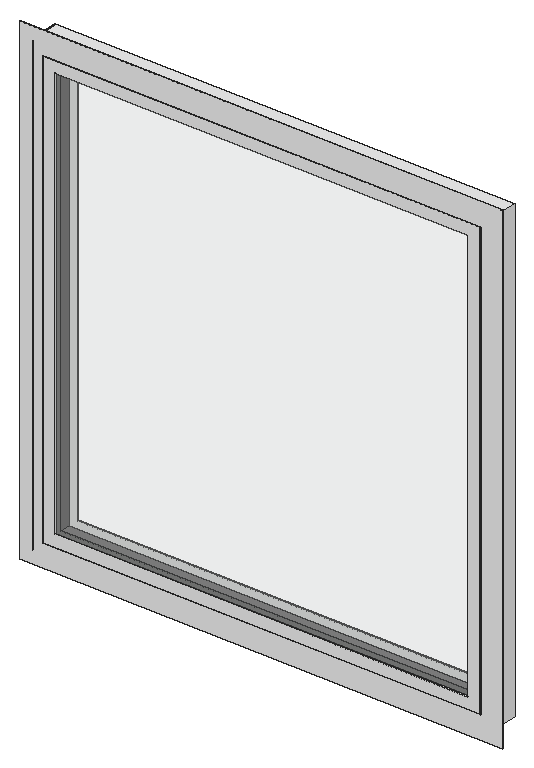
Revit family "Casement_28_C_Side_Hung_Standard", category Windows, host Wall, Revit 2014
Parameters (values of type "Casement_Sash_DG")
  Width Sash [instance] = 30 mm
  Width Sash Inner = 15 mm
  Width Bead = 15 mm
  Top Hung [instance] = yes
  Side Hung Right [instance] = yes
  Side Hung Left [instance] = yes
  Sash Opening Width [instance] = 600 mm
  Sash Opening Height [instance] = 600.312 mm
  Sash Lip = 15 mm
  Glazing Material [instance] = Glass
  DG Start Piece 2 [instance] = DG End Piece 1 + DG Gasket Thickness  # 25 mm
  DG Start Peice 1 [instance] = (Depth Sash - (2 * DG Glazing Thickness) - DG Gasket Thickness) / 2  # 6.6 mm
  Glazing Offset = 5 mm
  DG Glazing Thickness [instance] = 6.4 mm
  DG Gasket Thickness = 12 mm  # constant formula
  DG Gasket Material [instance] = Double Glazing Gasket Material
  DG End Piece 2 [instance] = DG Start Piece 2 + DG Glazing Thickness  # 31.4 mm
  DG End Piece 1 [instance] = DG Start Peice 1 + DG Glazing Thickness  # 13 mm
  Depth Sash [instance] = 38 mm
  Center Vertical Sash [instance] = Sash Opening Height / 2  # 300.156 mm
  Center Horizontal Sash [instance] = Sash Opening Width / 2  # 300 mm
  Bottom Hung [instance] = yes
  Bead Offset = 15 mm
  Aluminium Thickness = 1 mm
  Aluminium Material [instance] = White Powder Coated Aluminium
Reference planes
  plane 1 "Center (Front/Back)": y = 0
  plane 2: z = 0
  plane 3 "Center (Left/Right)": x = 0
Forms (mm)
  Sweep 1, solid, material "White Powder Coated Aluminium" <- "Aluminium Material"
    path origin (16.177, 0, 121.331) x (1, 0, 0) y (0, 0, 1)
      loop
        line (0, 0) -> (600, 0) -> (600, 600.312) -> (0, 600.312) -> (0, 0)
    profile origin (316.177, 0, 121.331) x (0, 0, 1) y (0, -1, 0)
      loop
        line (0, 0) -> (30, 0) -> (30, 1) -> (15, 1) -> (15, 38) -> (-15, 38) -> (-15, 37) -> (0, 37) -> (0, 0)
      loop
        line (14, 1) -> (14, 37) -> (1, 37) -> (1, 1) -> (14, 1)
  Sweep 2, solid, material "White Powder Coated Aluminium" <- "Aluminium Material"
    path origin (0, 0, 0) x (1, 0, 0) y (0, 0, 1)
      loop
        line (31.177, 706.643) -> (31.177, 136.331) -> (601.177, 136.331) -> (601.177, 706.643) -> (31.177, 706.643)
    profile origin (316.177, 0, 706.643) x (0, 0, 1) y (0, -1, 0)
      loop
        line (0, 37) -> (0, 38) -> (-15, 38) -> (-15, 37) -> (0, 37)
  Extrusion 3, solid, material "Glass" <- "Glazing Material"
    sketch origin (0, 0, 0) x (1, 0, 0) y (0, 0, 1)
      loop
        line (36.177, 701.643) -> (36.177, 141.331) -> (596.177, 141.331) -> (596.177, 701.643) -> (36.177, 701.643)
    from 6.6 <- "DG Start Peice 1" to 13 <- "DG End Piece 1"
  Extrusion 4, solid, material "Glass" <- "Glazing Material"
    sketch origin (0, 0, 0) x (1, 0, 0) y (0, 0, 1)
      loop
        line (36.177, 701.643) -> (36.177, 141.331) -> (596.177, 141.331) -> (596.177, 701.643) -> (36.177, 701.643)
    from 31.4 <- "DG End Piece 2" to 25 <- "DG Start Piece 2"
  Sweep 5, solid, material "Double Glazing Gasket Material" <- "DG Gasket Material"
    path origin (0, -13, 0) x (1, 0, 0) y (0, 0, 1)
      loop
        line (36.177, 701.643) -> (36.177, 141.331) -> (596.177, 141.331) -> (596.177, 701.643) -> (36.177, 701.643)
    profile origin (316.177, -13, 701.643) x (0, 0, 1) y (0, -1, 0)
      loop
        line (0, 0) -> (0, 12) -> (-7.96, 12) -> (-7.96, 0) -> (0, 0)
Lines and regions (mm)
  model lines
    curve 1: line (1.177, -38, 736.643) -> (31.177, -38, 706.643)
    curve 2: line (601.177, -38, 706.643) -> (631.177, -38, 736.643)
    curve 3: line (601.177, -38, 136.331) -> (631.177, -38, 106.331)
    curve 4: line (1.177, -38, 106.331) -> (31.177, -38, 136.331)
    curve 5: line (631.177, -37, 736.643) -> (616.177, -37, 721.643)
    curve 6: line (1.177, -37, 736.643) -> (16.177, -37, 721.643)
    curve 7: line (1.177, -37, 106.331) -> (16.177, -37, 121.331)
    curve 8: line (631.177, -37, 106.331) -> (616.177, -37, 121.331)
    curve 9: line (616.177, 0, 121.331) -> (586.177, 0, 151.331)
    curve 10: line (46.177, 0, 151.331) -> (16.177, 0, 121.331)
    curve 11: line (616.177, 0, 721.643) -> (586.177, 0, 691.643)
    curve 12: line (46.177, 0, 691.643) -> (16.177, 0, 721.643)
    curve 13: line (31.177, -38, 691.643) -> (46.177, -38, 691.643)
    curve 14: line (586.177, -38, 691.643) -> (601.177, -38, 691.643)
    curve 15: line (586.177, -38, 151.331) -> (601.177, -38, 151.331)
    curve 16: line (31.177, -38, 151.331) -> (46.177, -38, 151.331)
  model lines, style "GenericModelHiddenLines", visible <- "Top Hung"
    curve 17: line (46.386, -31.4, 690.914) -> (316.177, -31.4, 151.331)
    curve 18: line (316.177, -31.4, 151.331) -> (586.177, -31.4, 691.331)
  model lines, style "GenericModelHiddenLines", visible <- "Bottom Hung"
    curve 19: line (46.177, -31.4, 151.331) -> (316.177, -31.4, 691.331)
    curve 20: line (316.177, -31.4, 691.331) -> (586.177, -31.4, 151.331)
  model lines, style "GenericModelHiddenLines", visible <- "Side Hung Left"
    curve 21: line (46.386, -31.4, 690.914) -> (585.24, -31.4, 421.487)
    curve 22: line (585.24, -31.4, 421.487) -> (46.177, -31.4, 151.331)
  model lines, style "GenericModelHiddenLines", visible <- "Side Hung Right"
    curve 23: line (586.177, -31.4, 691.331) -> (46.177, -31.4, 421.487)
    curve 24: line (46.177, -31.4, 421.487) -> (586.177, -31.4, 151.331)
Dimensions and locks
  "Aluminium Thickness": Sweep 1 sketch curve to Sweep 1 sketch curve  (x4)
  "Depth Sash": Sweep 1 sketch curve to Sweep 1 sketch curve
  "Sash Opening Width": Sweep 1 to Sweep 1
  "Sash Opening Height": Sweep 1 to Sweep 1
  "Width Sash": Sweep 1 sketch curve to Sweep 1 sketch curve  (x2)
  "Width Sash Inner": Sweep 1 sketch curve to Sweep 1 sketch curve
  "Sash Lip": Sweep 1 sketch curve to Sweep 1 sketch curve
  "Aluminium Thickness": Sweep 1 to Sweep 2 sketch curve
  "Glazing Offset": Sweep 2 to Extrusion 3 sketch curve  (x3)
  "Glazing Offset": Extrusion 3 sketch curve to Sweep 2
  Sweep 1 to Sweep 1 = 1 mm
  "Aluminium Thickness": Sweep 2 sketch curve to Sweep 2 sketch curve
  "Width Bead": Sweep 2 sketch curve to Sweep 2 sketch curve
  locked: Sweep 5 sketch curve to Sweep 5 sketch curve at 7.96
  "Center Horizontal Sash": Sweep 1 to curve 18
  "Center Horizontal Sash": Sweep 1 to curve 20
  "Center Vertical Sash": Sweep 1 to curve 22
  "Center Vertical Sash": Sweep 1 to curve 24
  aligned and locked: level to plane 2
  aligned and locked: Sweep 1 sketch curve to Sweep 1 sketch curve  (x2)
  aligned and locked: Sweep 2 sketch curve to Sweep 1  (x5)
  aligned and locked: Extrusion 4 sketch curve to Extrusion 3  (x4)
  aligned and locked: Sweep 5 sketch curve to Extrusion 3  (x5)
  aligned and locked: Extrusion 3 to Sweep 5 sketch curve
Automatic sketch dimensions
  plane 3 "Center (Left/Right)" to Sweep 1 sketch curve = 16.177 mm
  level to Sweep 1 sketch curve = 121.331 mm
  plane 3 "Center (Left/Right)" to Sweep 1 sketch curve = 616.177 mm
  level to Sweep 1 sketch curve = 721.643 mm
  profile plane to Sweep 5 sketch curve = 12 mm
  curve 7 to Sweep 1 = 0 mm  (x4)
  curve 6 to Sweep 1 = 0 mm  (x3)
  Sweep 1 to curve 6 = 0 mm
  curve 5 to Sweep 1 = 0 mm  (x3)
  curve 8 to Sweep 1 = 0 mm  (x4)
  Sweep 1 to curve 5 = 0 mm
  curve 16 to Sweep 2 = 0 mm  (x3)
  curve 13 to Sweep 2 = 0 mm  (x3)
  curve 15 to Sweep 2 = 0 mm
  Sweep 2 to curve 15 = 0 mm  (x2)
  curve 14 to Sweep 2 = 0 mm  (x2)
  Sweep 2 to curve 14 = 0 mm
  curve 1 to Sweep 1 = 0 mm  (x4)
  curve 4 to Sweep 1 = 0 mm  (x3)
  Sweep 1 to curve 4 = 0 mm
  curve 3 to Sweep 1 = 0 mm  (x3)
  curve 2 to Sweep 1 = 0 mm  (x4)
  Sweep 1 to curve 3 = 0 mm
  curve 10 to Sweep 1 = 0 mm  (x4)
  curve 12 to Sweep 1 = 0 mm  (x3)
  Sweep 1 to curve 12 = 0 mm
  curve 9 to Sweep 1 = 0 mm  (x4)
  curve 11 to Sweep 1 = 0 mm  (x3)
  Sweep 1 to curve 11 = 0 mm
  Sweep 1 sketch curve to plane 1 "Center (Front/Back)" = 0 mm
  profile plane to Sweep 1 sketch curve = 0 mm
  curve 21 to Extrusion 4 = 10.208 mm
  curve 19 to Extrusion 4 = 10 mm
  curve 23 to Extrusion 4 = 10 mm  (x2)
  curve 22 to Extrusion 4 = 10.937 mm
  curve 20 to Extrusion 4 = 10 mm
  curve 24 to Extrusion 4 = 10 mm
  curve 22 to Extrusion 4 = 10 mm
  curve 18 to Extrusion 4 = 10 mm
  curve 21 to Extrusion 4 = 10.729 mm
  curve 19 to Extrusion 4 = 10.312 mm
  curve 18 to Extrusion 4 = 10.312 mm
Types in the file's own list only (12): name | Windload Design | Width Sash Right Opening | Width Sash Right | Width Sash Left Opening | Width Sash Left | Width Profile | Width Fixed Panel Center | Width | URL | Standard Mullion Different | Offset Window Exterior | Offset Mullion Right Side | Max Pane Area | Intruderprufe U Value | Intruderprufe SHGC Value | Intruderprufe LowE U Value | Intruderprufe LowE SHGC Value | Height Sash Opening | Height | Energy Advantage U Value | Energy Advantage SHGC Value | Custom Window Width | Custom Window Height | Window Exterior Offset | Custom Windload | Custom Sash Right Width | Custom Sash Left Width | Sash Height | Side Hung Right | Sash Spacing Inner | Sash Overlap | Sash Center Offset | SG Gasket Thickness | Offset Sash Side | Offset Sash Top | Offset Fixed Panel Left | Offset Mullion Left Side | Offset Bead Center Reversed | Model | Manufacturer | Limit Window Width Min | Limit Window Width Max | Limit Window Height Min | Limit Window Height Max | Limit Sash Width Min | Limit Sash Width Max | Limit Sash Height Min | Limit Sash Height Max | Limit Fixed Pane Width Min | Limit Fixed Pane Width Max | Length Mullion | Height Sash | Height Fixed Panel Center | Description | Depth Mullion | Frame Center Offset | Depth Bead | Default Sill Height | Wall Closure | Mullion Depth Windload Based | Corrected Mullion Size | Clearvue U Value | Clearvue SHGC Value | Casement Dimension | Bead SG Gap | Area Pane Right | Area Pane Middle | Area Pane Left
  28-1809SS-1000Pa | 1000 mm | 524 mm | 554 mm | 524 mm | 554 mm | 30 mm | 590 mm | 1790 mm | "http://www.crealco.co.za/crealco-products.php" | 0 mm | 14 mm | 570 mm | 0.48 m² | 6.1 | 0.596 | 4.4 | 0.543 | 844 mm | 890 mm | 4.63 | 0.556 | 1790 mm | 890 mm | 0 mm | 1000 mm | 554 mm | 554 mm | 845 mm | No | 8 mm | 7 mm | 11 mm | 6 mm | 23 mm | 23 mm | 600 mm | 570 mm | 14 mm | "Casement 28" | "Crealco" | 1400 mm | 2700 mm | 346 mm | 1246 mm | 300 mm | 600 mm | 300 mm | 1200 mm | 200 mm | 1500 mm | 890 mm | 814 mm | 830 mm | "Window 28mm, Type C side hung" | 29 mm | 14 mm | 14 mm | 800 mm | By host | 29 mm | 0 mm | 6.12 | 0.615 | 28 mm | 13 mm | 0.35 m² | 0.48 m² | 0.35 m²
  28-2409SS-1000Pa | 1000 mm | 524 mm | 554 mm | 524 mm | 554 mm | 30 mm | 1190 mm | 2390 mm | "http://www.crealco.co.za/crealco-products.php" | 0 mm | 14 mm | 570 mm | 0.97 m² | 6.03 | 0.628 | 4.28 | 0.567 | 844 mm | 890 mm | 4.5 | 0.583 | 2390 mm | 890 mm | 0 mm | 1000 mm | 554 mm | 554 mm | 845 mm | No | 8 mm | 7 mm | 11 mm | 6 mm | 23 mm | 23 mm | 600 mm | 570 mm | 14 mm | "Casement 28" | "Crealco" | 1400 mm | 2700 mm | 346 mm | 1246 mm | 300 mm | 600 mm | 300 mm | 1200 mm | 200 mm | 1500 mm | 890 mm | 814 mm | 830 mm | "Window 28mm, Type C side hung" | 29 mm | 14 mm | 14 mm | 800 mm | By host | 29 mm | 0 mm | 6.07 | 0.653 | 28 mm | 13 mm | 0.35 m² | 0.97 m² | 0.35 m²
  28-2409SS-2000Pa | 2000 mm | 524 mm | 554 mm | 524 mm | 554 mm | 30 mm | 1190 mm | 2390 mm | "http://www.crealco.co.za/crealco-products.php" | 0 mm | 14 mm | 570 mm | 0.97 m² | 6.05 | 0.615 | 4.39 | 0.567 | 844 mm | 890 mm | 4.6 | 0.583 | 2390 mm | 890 mm | 0 mm | 2000 mm | 554 mm | 554 mm | 845 mm | No | 8 mm | 7 mm | 11 mm | 6 mm | 23 mm | 23 mm | 600 mm | 570 mm | 14 mm | "Casement 28" | "Crealco" | 1400 mm | 2700 mm | 346 mm | 1246 mm | 300 mm | 600 mm | 300 mm | 1200 mm | 200 mm | 1500 mm | 890 mm | 814 mm | 830 mm | "Window 28mm, Type C side hung" | 29 mm | 14 mm | 14 mm | 800 mm | By host | 54 mm | 0 mm | 6.16 | 0.653 | 28 mm | 13 mm | 0.35 m² | 0.97 m² | 0.35 m²
  28-1812SS-1000Pa | 1000 mm | 524 mm | 554 mm | 524 mm | 554 mm | 30 mm | 590 mm | 1790 mm | "http://www.crealco.co.za/crealco-products.php" | 0 mm | 14 mm | 570 mm | 0.65 m² | 6.11 | 0.601 | 4.49 | 0.55 | 1144 mm | 1190 mm | 4.68 | 0.576 | 1790 mm | 1190 mm | 0 mm | 1000 mm | 554 mm | 554 mm | 1145 mm | No | 8 mm | 7 mm | 11 mm | 6 mm | 23 mm | 23 mm | 600 mm | 570 mm | 14 mm | "Casement 28" | "Crealco" | 1400 mm | 2700 mm | 346 mm | 1246 mm | 300 mm | 600 mm | 300 mm | 1200 mm | 200 mm | 1500 mm | 1190 mm | 1114 mm | 1130 mm | "Window 28mm, Type C side hung" | 29 mm | 14 mm | 14 mm | 800 mm | By host | 54 mm | 0 mm | 6.22 | 0.639 | 28 mm | 13 mm | 0.49 m² | 0.65 m² | 0.49 m²
  28-2412SS-1000Pa | 1000 mm | 524 mm | 554 mm | 524 mm | 554 mm | 30 mm | 1190 mm | 2390 mm | "http://www.crealco.co.za/crealco-products.php" | 0 mm | 14 mm | 570 mm | 1.32 m² | 6.03 | 0.636 | 4.33 | 0.58 | 1144 mm | 1190 mm | 4.52 | 0.604 | 2390 mm | 1190 mm | 0 mm | 1000 mm | 554 mm | 554 mm | 1145 mm | No | 8 mm | 7 mm | 11 mm | 6 mm | 23 mm | 23 mm | 600 mm | 570 mm | 14 mm | "Casement 28" | "Crealco" | 1400 mm | 2700 mm | 346 mm | 1246 mm | 300 mm | 600 mm | 300 mm | 1200 mm | 200 mm | 1500 mm | 1190 mm | 1114 mm | 1130 mm | "Window 28mm, Type C side hung" | 29 mm | 14 mm | 14 mm | 800 mm | By host | 54 mm | 0 mm | 6.14 | 0.676 | 28 mm | 13 mm | 0.49 m² | 1.32 m² | 0.49 m²
  28-1809SS-1500Pa | 1500 mm | 524 mm | 554 mm | 524 mm | 554 mm | 30 mm | 590 mm | 1790 mm | "http://www.crealco.co.za/crealco-products.php" | 0 mm | 14 mm | 570 mm | 0.48 m² | 6.1 | 0.596 | 4.4 | 0.543 | 844 mm | 890 mm | 4.63 | 0.556 | 1790 mm | 890 mm | 0 mm | 1500 mm | 554 mm | 554 mm | 845 mm | No | 8 mm | 7 mm | 11 mm | 6 mm | 23 mm | 23 mm | 600 mm | 570 mm | 14 mm | "Casement 28" | "Crealco" | 1400 mm | 2700 mm | 346 mm | 1246 mm | 300 mm | 600 mm | 300 mm | 1200 mm | 200 mm | 1500 mm | 890 mm | 814 mm | 830 mm | "Window 28mm, Type C side hung" | 29 mm | 14 mm | 14 mm | 800 mm | By host | 29 mm | 0 mm | 6.12 | 0.615 | 28 mm | 13 mm | 0.35 m² | 0.48 m² | 0.35 m²
  28-1809SS-2000Pa | 2000 mm | 524 mm | 554 mm | 524 mm | 554 mm | 30 mm | 590 mm | 1790 mm | "http://www.crealco.co.za/crealco-products.php" | 0 mm | 14 mm | 570 mm | 0.48 m² | 6.1 | 0.596 | 4.4 | 0.543 | 844 mm | 890 mm | 4.63 | 0.556 | 1790 mm | 890 mm | 0 mm | 2000 mm | 554 mm | 554 mm | 845 mm | No | 8 mm | 7 mm | 11 mm | 6 mm | 23 mm | 23 mm | 600 mm | 570 mm | 14 mm | "Casement 28" | "Crealco" | 1400 mm | 2700 mm | 346 mm | 1246 mm | 300 mm | 600 mm | 300 mm | 1200 mm | 200 mm | 1500 mm | 890 mm | 814 mm | 830 mm | "Window 28mm, Type C side hung" | 29 mm | 14 mm | 14 mm | 800 mm | By host | 29 mm | 0 mm | 6.12 | 0.615 | 28 mm | 13 mm | 0.35 m² | 0.48 m² | 0.35 m²
  28-1812SS-1500Pa | 1500 mm | 524 mm | 554 mm | 524 mm | 554 mm | 30 mm | 590 mm | 1790 mm | "http://www.crealco.co.za/crealco-products.php" | 0 mm | 14 mm | 570 mm | 0.65 m² | 6.11 | 0.601 | 4.49 | 0.55 | 1144 mm | 1190 mm | 4.68 | 0.576 | 1790 mm | 1190 mm | 0 mm | 1500 mm | 554 mm | 554 mm | 1145 mm | No | 8 mm | 7 mm | 11 mm | 6 mm | 23 mm | 23 mm | 600 mm | 570 mm | 14 mm | "Casement 28" | "Crealco" | 1400 mm | 2700 mm | 346 mm | 1246 mm | 300 mm | 600 mm | 300 mm | 1200 mm | 200 mm | 1500 mm | 1190 mm | 1114 mm | 1130 mm | "Window 28mm, Type C side hung" | 29 mm | 14 mm | 14 mm | 800 mm | By host | 54 mm | 0 mm | 6.22 | 0.639 | 28 mm | 13 mm | 0.49 m² | 0.65 m² | 0.49 m²
  28-1812SS-2000Pa | 2000 mm | 524 mm | 554 mm | 524 mm | 554 mm | 30 mm | 590 mm | 1790 mm | "http://www.crealco.co.za/crealco-products.php" | 0 mm | 14 mm | 570 mm | 0.65 m² | 6.11 | 0.601 | 4.49 | 0.55 | 1144 mm | 1190 mm | 4.68 | 0.576 | 1790 mm | 1190 mm | 0 mm | 2000 mm | 554 mm | 554 mm | 1145 mm | No | 8 mm | 7 mm | 11 mm | 6 mm | 23 mm | 23 mm | 600 mm | 570 mm | 14 mm | "Casement 28" | "Crealco" | 1400 mm | 2700 mm | 346 mm | 1246 mm | 300 mm | 600 mm | 300 mm | 1200 mm | 200 mm | 1500 mm | 1190 mm | 1114 mm | 1130 mm | "Window 28mm, Type C side hung" | 29 mm | 14 mm | 14 mm | 800 mm | By host | 54 mm | 0 mm | 6.22 | 0.639 | 28 mm | 13 mm | 0.49 m² | 0.65 m² | 0.49 m²
  28-2409SS-1500Pa | 1500 mm | 524 mm | 554 mm | 524 mm | 554 mm | 30 mm | 1190 mm | 2390 mm | "http://www.crealco.co.za/crealco-products.php" | 0 mm | 14 mm | 570 mm | 0.97 m² | 6.03 | 0.628 | 4.28 | 0.567 | 844 mm | 890 mm | 4.5 | 0.583 | 2390 mm | 890 mm | 0 mm | 1500 mm | 554 mm | 554 mm | 845 mm | No | 8 mm | 7 mm | 11 mm | 6 mm | 23 mm | 23 mm | 600 mm | 570 mm | 14 mm | "Casement 28" | "Crealco" | 1400 mm | 2700 mm | 346 mm | 1246 mm | 300 mm | 600 mm | 300 mm | 1200 mm | 200 mm | 1500 mm | 890 mm | 814 mm | 830 mm | "Window 28mm, Type C side hung" | 29 mm | 14 mm | 14 mm | 800 mm | By host | 29 mm | 0 mm | 6.07 | 0.653 | 28 mm | 13 mm | 0.35 m² | 0.97 m² | 0.35 m²
  28-2412SS-1500Pa | 1500 mm | 524 mm | 554 mm | 524 mm | 554 mm | 30 mm | 1190 mm | 2390 mm | "http://www.crealco.co.za/crealco-products.php" | 0 mm | 14 mm | 570 mm | 1.32 m² | 6.03 | 0.636 | 4.33 | 0.58 | 1144 mm | 1190 mm | 4.52 | 0.604 | 2390 mm | 1190 mm | 0 mm | 1500 mm | 554 mm | 554 mm | 1145 mm | No | 8 mm | 7 mm | 11 mm | 6 mm | 23 mm | 23 mm | 600 mm | 570 mm | 14 mm | "Casement 28" | "Crealco" | 1400 mm | 2700 mm | 346 mm | 1246 mm | 300 mm | 600 mm | 300 mm | 1200 mm | 200 mm | 1500 mm | 1190 mm | 1114 mm | 1130 mm | "Window 28mm, Type C side hung" | 29 mm | 14 mm | 14 mm | 800 mm | By host | 54 mm | 0 mm | 6.14 | 0.676 | 28 mm | 13 mm | 0.49 m² | 1.32 m² | 0.49 m²
  28-2412SS-2000Pa | 2000 mm | 524 mm | 554 mm | 524 mm | 554 mm | 30 mm | 1190 mm | 2390 mm | "http://www.crealco.co.za/crealco-products.php" | 0 mm | 14 mm | 570 mm | 1.32 m² | 6.03 | 0.636 | 4.33 | 0.58 | 1144 mm | 1190 mm | 4.52 | 0.604 | 2390 mm | 1190 mm | 0 mm | 2000 mm | 554 mm | 554 mm | 1145 mm | No | 8 mm | 7 mm | 11 mm | 6 mm | 23 mm | 23 mm | 600 mm | 570 mm | 14 mm | "Casement 28" | "Crealco" | 1400 mm | 2700 mm | 346 mm | 1246 mm | 300 mm | 600 mm | 300 mm | 1200 mm | 200 mm | 1500 mm | 1190 mm | 1114 mm | 1130 mm | "Window 28mm, Type C side hung" | 29 mm | 14 mm | 14 mm | 800 mm | By host | 54 mm | 0 mm | 6.14 | 0.676 | 28 mm | 13 mm | 0.49 m² | 1.32 m² | 0.49 m²
